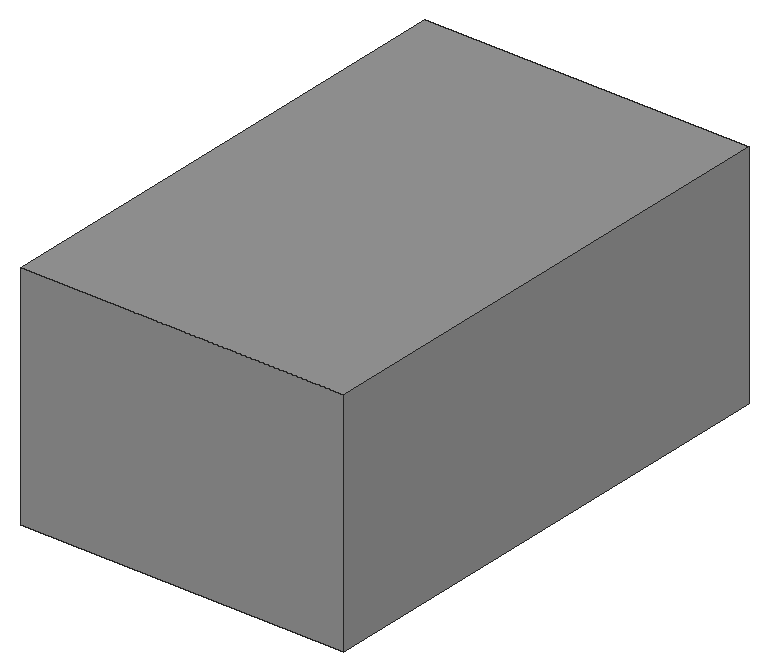
Revit family "Aluminiumleergehäuse, mit beschichtbarer Oberfläche - Mx 120805 CR3", category Generic Models, Revit 2017
Family settings
  Can host rebar = No
  Round Connector Dimension = Use Diameter
  Part Type = Normal
  Work Plane-Based = No
  Always vertical = Yes
  Cut with Voids When Loaded = No
  Shared = No
  Room Calculation Point = No
Parameters (values of type "Mx 120805 CR3")
  Width 1 = Width / 2  # 40 mm
  Width = 80 mm
  URL = "http://www.obo-bettermann.com"
  Material = Cast aluminium
  Manufacturer Art.No. = "2011386"
  Manufacturer = "OBO Bettermann"
  Length = 125 mm
  Height = 57 mm
  GTIN = "4012196622658"
  Article Type = "Mx 120805 CR3"
Reference planes
  plane 1 "Center (Front/Back)": y = 0
  plane 2: z = 0
  plane 3 "Center (Left/Right)": x = 0
Forms (mm)
  Extrusion 1, solid, material "Cast aluminium" <- "Material"
    sketch origin (0, 0, 0) x (1, 0, 0) y (0, 0, 1)
      loop
        line (-40, 57) -> (-40, 0) -> (40, 0) -> (40, 57) -> (-40, 57)
    from -125 to 0
Dimensions and locks
  "Width": Extrusion 1 sketch curve to Extrusion 1 sketch curve
  plane 3 "Center (Left/Right)" to Extrusion 1 sketch curve = 40 mm
  "Width 1": plane 3 "Center (Left/Right)" to Extrusion 1 sketch curve
  "Height": Extrusion 1 sketch curve to Extrusion 1 sketch curve
  "Length": Extrusion 1 to Extrusion 1
  aligned and locked: level to plane 2
  aligned and locked: Extrusion 1 to level
  aligned and locked: plane 1 "Center (Front/Back)" to Extrusion 1
Automatic sketch dimensions
  Extrusion 1 sketch curve to level = 0 mm
